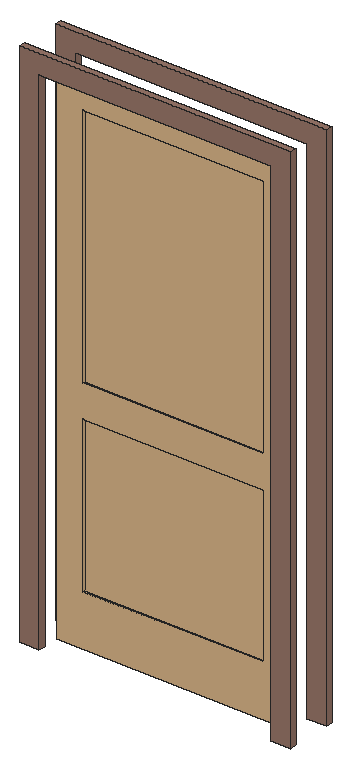
Revit family "0071_M_DR_W_single-pocket", category 문, Revit 2026
Family settings
  호스트 = 벽
  항상 수직 = 예
  로드될 때 보이드를 사용하여 절단 = 아니오
  공유 = 아니오
  룸 계산 점 = 아니오
Parameters (values of type "36" x 80"")
  조합 코드 = "C1020"
  기능 = 내부
  Door Material = Door - Panel
  Frame Material = Door - Frame
  Height = 6' - 8"
  Rail Width - Base = 0' - 8"
  Rail Width - Center = 0' - 5"
  Rail Width - Head = 0' - 5"
  Stile Width = 0' - 4"
  두께 = 0' - 1 1/2"
  Trim Projection Ext. = 0' - 1"
  Trim Projection Int. = 0' - 1"
  Trim Width = 0' - 3"
  벽 마무리 = 호스트별
  Width = 3' - 0"
Types (4): name | Width
  32" x 80" | 2' - 8"
  34" x 80" | 2' - 10"
  36" x 80" | 3' - 0"
  30" x 80" | 2' - 6"
Reference planes (in)
  plane 1: y = 0
  plane 2 "Center": x = 0
  plane 3 "Left": x = -18
  plane 4 "Right": x = 18
  plane 5 "Top": z = 80
  plane 6: z = 75
  plane 7: z = 37
  plane 8: z = 32
  plane 9: z = 8
  plane 10: x = 14
  plane 11: x = -14
  plane 12: y = 0.25
  plane 13: y = -0.25
  plane 14: y = 3
  plane 15: y = -3
Forms (in)
  Extrusion 1, solid, material "Door - Frame" <- "Frame Material"
    sketch origin (-90, 3, 0) x (-1, 0, 0) y (0, 0, 1)
      loop
        line (-108, 80) -> (-72, 80) -> (-72, 0) -> (-69, 0) -> (-69, 83) -> (-111, 83) -> (-111, 0) -> (-108, 0) -> (-108, 80)
    from 0 to 1
  Extrusion 2, solid, material "Door - Frame" <- "Frame Material"
    sketch origin (-90, -3, 0) x (1, 0, 0) y (0, 0, 1)
      loop
        line (72, 0) -> (72, 80) -> (108, 80) -> (108, 0) -> (111, 0) -> (111, 83) -> (69, 83) -> (69, 0) -> (72, 0)
    from 0 to 1
  Extrusion 3, void
    sketch origin (0, 0, 0) x (1, 0, 0) y (0, 1, 0)
      loop
        line (-54, -1.25) -> (-18, -1.25) -> (-18, -3) -> (18, -3) -> (18, 3) -> (-18, 3) -> (-18, 1.25) -> (-54, 1.25) -> (-54, -1.25)
    from 0 to 80
  Extrusion 4, solid, material "Door - Panel" <- "Door Material"
    sketch origin (-60, 3, 0) x (-1, 0, 0) y (0, 0, 1)
      loop
        line (-78, 80) -> (-78, 0) -> (-42, 0) -> (-42, 80) -> (-78, 80)
      loop
        line (-74, 32) -> (-74, 8) -> (-46, 8) -> (-46, 32) -> (-74, 32)
      loop
        line (-74, 75) -> (-74, 37) -> (-46, 37) -> (-46, 75) -> (-74, 75)
    from -2.5 to -3.5
  Extrusion 5, solid, material "Door - Panel" <- "Door Material"
    sketch origin (-60, 3, 0) x (-1, 0, 0) y (0, 0, 1)
      loop
        line (-74, 75) -> (-74, 37) -> (-46, 37) -> (-46, 75) -> (-74, 75)
      loop
        line (-74, 32) -> (-74, 8) -> (-46, 8) -> (-46, 32) -> (-74, 32)
    from -3.25 to -3
Cuts and joins
  Extrusion 3 cuts Extrusion 1
  Extrusion 3 cuts Extrusion 2
Lines and regions (in)
  symbolic lines, style "DoorsPanelProjection"
    curve 1: line (-12, 0.75, 0) -> (-48, 0.75, 0)
    curve 2: line (-12, -0.75, 0) -> (-12, 0.75, 0)
    curve 3: line (-48, -0.75, 0) -> (-12, -0.75, 0)
    curve 4: line (-48, 0.75, 0) -> (-48, -0.75, 0)
Text (in)
  text "Exterior" at (-50.46324, 29.74201, 0), in view "Floor Line"
  text "Interior" at (-50.46324, -29.25081, 0), in view "Floor Line"
  text "Exterior" at (0, 40.15149, 123.01588), in view "Right"
  text "Interior" at (0, -64.39139, 123.01588), in view "Right"
  text "Interior" at (0, -31.01599, 123.00693), in view "Left"
  text "Exterior" at (0, 54.57065, 123.00693), in view "Left"
Dimensions and locks (in)
  equal spacing: plane 3 "Left", plane 2 "Center", plane 4 "Right"
  "Height": level to plane 5 "Top"
  "Width": plane 3 "Left" to plane 4 "Right"
  "Trim Width": Extrusion 2 sketch curve to plane 3 "Left"
  "Trim Width": Extrusion 2 sketch curve to plane 4 "Right"
  "Trim Width": Extrusion 2 sketch curve to plane 5 "Top"
  "Trim Width": Extrusion 1 sketch curve to Extrusion 1 sketch curve  (x2)
  "Trim Width": Extrusion 1 sketch curve to plane 5 "Top"
  "Trim Projection Int.": Extrusion 2 to host wall
  "Trim Projection Ext.": Extrusion 1 to host wall
  "Stile Width": plane 4 "Right" to plane 10
  "Stile Width": plane 11 to plane 3 "Left"
  "Rail Width - Head": plane 6 to plane 5 "Top"
  "Rail Width - Center": plane 8 to plane 7
  "Rail Width - Base": host wall to plane 9
  locked: plane 9 to plane 8 at 24
  locked: plane 3 "Left" to curve 2 at 6
  "Width": curve 4 to curve 2
  equal spacing: curve 1, plane 1, curve 3
  "두께": curve 1 to curve 3
  locked: host wall to Extrusion 4 at 0.75  (x2)
  locked: curve 3 to Extrusion 3 sketch curve at 0.5
  locked: plane 1 to plane 12 at 0.25
  locked: plane 1 to plane 13 at 0.25
  "Width": Extrusion 3 sketch curve to plane 3 "Left"
  locked: Extrusion 3 sketch curve to curve 1 at 0.5
  locked: plane 14 to host wall
  locked: plane 15 to host wall
  aligned and locked: plane 5 "Top" to Extrusion 1 sketch curve  (x2)
  aligned and locked: plane 3 "Left" to Extrusion 1 sketch curve
  aligned and locked: Extrusion 1 sketch curve to plane 3 "Left"
  aligned and locked: level to Extrusion 1 sketch curve
  aligned and locked: plane 4 "Right" to Extrusion 1 sketch curve
  aligned and locked: Extrusion 1 to host wall
  aligned and locked: plane 3 "Left" to Extrusion 2 sketch curve
  aligned and locked: plane 5 "Top" to Extrusion 2 sketch curve  (x2)
  aligned and locked: plane 4 "Right" to Extrusion 2 sketch curve  (x2)
  aligned and locked: level to Extrusion 2 sketch curve
  aligned and locked: Extrusion 2 sketch curve to level
  aligned and locked: Extrusion 3 to plane 5 "Top"
  aligned and locked: plane 6 to Extrusion 5 sketch curve
  aligned and locked: plane 11 to Extrusion 5 sketch curve  (x2)
  aligned and locked: Extrusion 5 sketch curve to plane 10  (x2)
  aligned and locked: Extrusion 5 sketch curve to plane 7
  aligned and locked: plane 8 to Extrusion 5 sketch curve
  aligned and locked: Extrusion 5 sketch curve to plane 9
  aligned and locked: Extrusion 5 to plane 13
  aligned and locked: Extrusion 5 to plane 1
  aligned and locked: Extrusion 3 sketch curve to host wall  (x2)
Automatic sketch dimensions
  Extrusion 1 sketch curve to level = 0' - 0"
  Extrusion 2 sketch curve to level = 0' - 0"
  Extrusion 4 sketch curve to plane 4 "Right" = 0' - 0"
  Extrusion 4 sketch curve to plane 7 = 0' - 0"
  Extrusion 4 sketch curve to plane 10 = 0' - 0"  (x2)
  Extrusion 4 sketch curve to plane 9 = 0' - 0"
  Extrusion 4 sketch curve to plane 8 = 0' - 0"
  Extrusion 4 sketch curve to plane 11 = 0' - 0"  (x2)
  Extrusion 4 sketch curve to plane 6 = 0' - 0"
  Extrusion 4 sketch curve to plane 3 "Left" = 0' - 0"
  Extrusion 4 sketch curve to level = 0' - 0"
  Extrusion 4 sketch curve to plane 5 "Top" = 0' - 0"
  Extrusion 3 sketch curve to plane 3 "Left" = 0' - 0"  (x2)
  Extrusion 3 sketch curve to plane 4 "Right" = 0' - 0"
